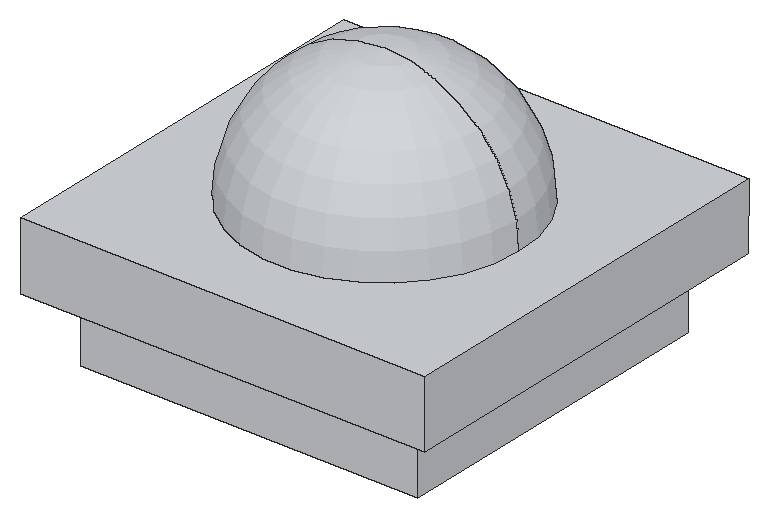
Revit family "Button for Buzzer", category Electrical Fixtures, host Face, Revit 2025
Family settings
  Host = Face
  Round Connector Dimension = Use Diameter
  Part Type = Junction Box
  Cut with Voids When Loaded = No
  Maintain Annotation Orientation = Yes
  Shared = No
  Room Calculation Point = No
Parameters (values of type "Wall Mounted")
  Width = 3"
  Wall Mounted = not(Face Mounted)  # yes
  Symbol Distance [instance] = 0"
  Height = 3"
  Face Mounted = no
  Depth = 1/2"
  Default Elevation = 48"
  Back Width = Width - Back Margin  # 2 1/2"
  Back Margin = 1/2"
  Back Height = Height - Back Margin  # 2 1/2"
Types (2): name | Wall Mounted | Face Mounted
  Face Mounted | no | yes
  Wall Mounted | yes | no
Reference planes (in)
  plane 1 "Center (Front/Back)": y = 0
  plane 2: z = 0
  plane 3 "Center (Left/Right)": x = 0
  plane 4: z = 0.5
Forms (in)
  Extrusion 1, solid, detail levels medium+fine
    sketch origin (0, 0, -0.5) x (-1, 0, 0) y (0, -1, 0)
      loop
        line (1.5, -1.5) -> (1.5, 1.5) -> (-1.5, 1.5) -> (-1.5, -1.5) -> (1.5, -1.5)
    from 0.5 to 1
  Revolve 2, solid
    sketch origin (0, 0, 0) x (1, 0, 0) y (0, 0, 1)
      loop
        line (0, 0.5) -> (1, 0.5)
        arc (1, 0.5) -> (0.70711, 1.20711) -> (0, 1.5) r 1
        line (0, 1.5) -> (0, 0.5)
      axis (0, 1.5) -> (0, 0.5)
    angle from 0 to 360
  Extrusion 3, solid
    sketch origin (0, 0, 0) x (1, 0, 0) y (0, 1, 0)
      loop
        line (-1.25, 1.25) -> (-1.25, -1.25) -> (1.25, -1.25) -> (1.25, 1.25) -> (-1.25, 1.25)
    from 0 to -0.5
Dimensions and locks (in)
  equal spacing: Extrusion 1 sketch curve, plane 3 "Center (Left/Right)", Extrusion 1 sketch curve
  "Width": Extrusion 1 sketch curve to Extrusion 1 sketch curve
  "Height": Extrusion 1 sketch curve to Extrusion 1 sketch curve
  equal spacing: Extrusion 1 sketch curve, plane 1 "Center (Front/Back)", Extrusion 1 sketch curve
  "Depth": plane 4 to plane 2
  equal spacing: Extrusion 3 sketch curve, plane 3 "Center (Left/Right)", Extrusion 3 sketch curve
  equal spacing: Extrusion 3 sketch curve, plane 1 "Center (Front/Back)", Extrusion 3 sketch curve
  "Back Height": Extrusion 3 sketch curve to Extrusion 3 sketch curve
  "Back Width": Extrusion 3 sketch curve to Extrusion 3 sketch curve
  aligned and locked: plane 2 to host face
  aligned and locked: level to host face
  aligned and locked: plane 4 to Extrusion 1
  aligned and locked: Extrusion 1 to level
Automatic sketch dimensions
  host sketch curve to host sketch curve = 96"  (x2)
  Revolve 2 sketch curve to plane 3 "Center (Left/Right)" = 0"  (x2)
  Revolve 2 sketch curve to plane 4 = 0"
  plane 3 "Center (Left/Right)" to Revolve 2 sketch curve = 1"
  Revolve 2 sketch curve to Revolve 2 sketch curve = 0.24195"
  Revolve 2 sketch curve to Revolve 2 sketch curve = 0.64345"
Nested families (in)
  nested 1: "Face Mounted" at (0, 0, 0), visible <- "Face Mounted", type "Standard"
  nested 2: "Wall Mounted" at (0, 0, 0), visible <- "Wall Mounted", type "Standard"
Connectors (in)
  electrical at (0, 0, 0.5)
    settings: on Extrusion 1, index 1, voltage 0 V, apparent load 0 VA, apparent load phase1 0 VA, apparent load phase2 0 VA, apparent load phase3 0 VA, power factor 1, load classification "Other", number of poles 1, system type 31, power factor state 1, is connector primary yes, connector utility no, sub classification motor no, connector description ""
Definition of nested family "Face Mounted"
  Reference planes (in)
    plane 1: y = 0
    plane 2: x = 0
  Lines and regions (in)
    detail lines
      curve 1: circle (0, 0, 0) r 0.125 normal (0, 0, 1)
  Text (in)
    text "B" at (-0.04715, 0.09824, 0)
Definition of nested family "Wall Mounted"
  Parameters (values of type "Standard")
    Symbol Distance = 0"
  Reference planes (in)
    plane 1: y = 0
    plane 2: x = 0
  Lines and regions (in)
    detail lines
      curve 1: circle (0, 0.125, 0) r 0.125 normal (0, 0, 1)
    reference lines
      curve 2: line (-0.1189, 0, 0) -> (0.1311, 0, 0)
    detail lines, not visible
      curve 3: circle (0, 0.125, 0) r 0.125 normal (0, 0, 1)
    reference lines, not visible
      curve 4: line (-0.1189, 0, 0) -> (0.1311, 0, 0)
  Text (in)
    text "B" at (-0.04715, 0.22324, 0)
    text "B" at (-0.04715, 0.22324, 0), not visible
  Dimensions and locks (in)
    "Symbol Distance": plane 1 to curve 2
